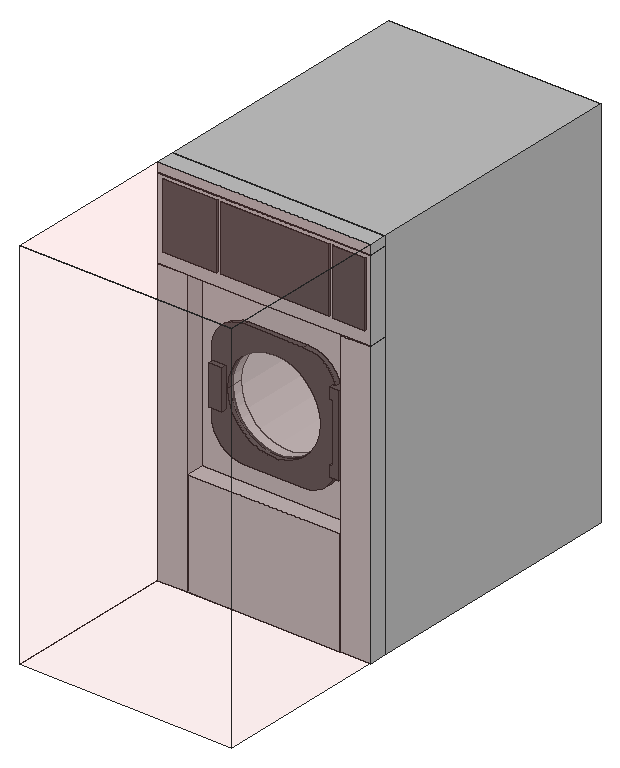
Revit family "Washer_Continental-Girbau_MG-Series", category Mechanical Equipment, Revit 2018
Family settings
  Round Connector Dimension = Use Radius
  Part Type = Normal
  OmniClass Number = 23.45.70.11.14.14
  OmniClass Title = Extractors
  Work Plane-Based = Yes
  Always vertical = No
  Cut with Voids When Loaded = No
  Shared = No
  Room Calculation Point = No
Parameters
  halfdoor = dooropeningactual / 2 + 0' 0 1/4"  # 0' - 8 3/16"
  drainrad = Drain Connection Diameter / 2  # 0' - 1 1/2"
  dooropeningactual = Door Opening + 0' 3"  # 1' - 3 7/8"
  dhwrad = Hot Water Connection Diameter / 2  # 0' - 0 3/8"
  dcwrad = Cold Water Connection Diameter / 2  # 0' - 0 3/8"
  Warranty Duration (Years) = 0
  Voltage Range = ""
  Unit Width = 2' - 5 1/2"
  Unit Weight_Live Load = 0
  Unit Weight_Dynamic Load = 0
  Unit Weight = 0
  Unit Height = 4' - 4 3/16"
  Unit Depth = 3' - 4"
  URL = "http://www.continentalgirbau.com/"
  Steam Inlet Connection Diameter = 0' - 1"
  Machine Function = "as Specified"
  Hot Water Connection Diameter = 0' - 0 3/4"
  Fuel Type = ""
  Fuel Consumption = ""
  Door Base Elevation = 1' - 7 11/16"
  Standards Conformance = "as Specified"
  Specification = "http://arcat.com/sdspecs/htm/11110con.htm"
  SpecWizard = "http://arcat.com/specwizard/11110con/index.htm?mf=&coid=44467"
  Sound Pressure = "as Specified"
  Send Message = "http://www.arcat.com/users.pl?action=UserEmail&amp;company=Continental+Girbau,+Inc.&amp;coid=44467&amp;rep=132&amp;fax=920-231-4666 &amp;mf="
  Sales Information = "http://www.continentalgirbau.com/contact.php"
  Revision = "R1_05-2014"
  Product Properties = ""
  Product Data = "http://arcat.com/arcatcos/cos44/arc44467.html"
  Model = "As Specified"
  Manufacturer Website = "http://www.continentalgirbau.com/"
  Manufacturer Phone - Toll Free = "800-256-1073"
  Manufacturer Phone = "920-231-8222"
  Manufacturer Fax = "920-231-4666"
  Manufacturer Address = "2500 State Rd. 44  Oshkosh, WI 54904"
  Manufacturer = "Continental Girbau, Inc."
  Maintenance Schedule (Months) = 0
  Keynote = "11110"
  Installation-Fabrication = ""
  Installation Phase = ""
  Green Building-LEED = "http://arcat.com/green/clients/leed_data_44467.html"
  Fixture Finish = Metal - Continental Girbau - Silver
  Expected Lifespan (Years) = 0
  Drain Connection Diameter = 0' - 3"
  Electrical_Voltage = 0 V
  Electrical_Phase = 0
  Electrical_Frequency = 0 Hz
  Electrical_Amperage = 0 A
  Drawn By = "Sumex Design, Inc. / Robert S. Weygant, CSI, CDT, SCIP"
  Door Opening Depth = 2' - 0"
  Door Opening = 1' - 0 7/8"
  Door Glazing [instance] = Glass - Continental Girbau - Glazing as Specified
  Description = "Continental Girbau Commercial Washer as Specified"
  Default Elevation = 0' - 0"
  Cylinder Volume = "as Specified"
  Cylinder Diameter = 2' - 0 13/32"
  Cylinder Depth = 1' - 9 5/8"
  Copyright = "©Arcat Inc."
  Construction Details = "http://arcat.com/details/cogirbau/cogirbau.html?coid=44467"
  Cold Water Connection Diameter = 0' - 0 3/4"
  Clearance Visible [instance] = yes
  Capacity = "as Specified"
  Assembly Code = "E1010610"
  Accent Material = Metal - Continental Girbau - Black
Reference planes (in)
  plane 1 "Center (Front/Back)": y = 0
  plane 2 "Bottom": z = 0
  plane 3 "Center (Left/Right)": x = 0
  plane 4 "Front": y = -20
  plane 5 "Back": y = 20
  plane 6 "Left": x = -14.75
  plane 7 "Right": x = 14.75
  plane 8: z = 26.125
  plane 9: x = -7.9375
  plane 10: x = 7.9375
  plane 11: z = 52.1875
  plane 12: y = -17.5
  plane 13: z = 32.5625
  plane 14: z = 19.6875
  plane 15: y = -44
  plane 16: y = -16
Forms (in)
  Extrusion 1, void
    sketch origin (0, -16, -4.80688) x (0, 0, 1) y (1, 0, 0)
      loop
        circle (30.93188, 0) r 12.20312
    from 0 to 21.625 <- "Cylinder Depth"
  Extrusion 2, solid, material "ARCAT Clearance", visible <- "Clearance Visible"
    sketch origin (-0.4375, -13.7666, 0) x (1, 0, 0) y (0, 1, 0)
      loop
        line (-14.3125, -6.2334) -> (-14.3125, -30.2334) -> (15.1875, -30.2334) -> (15.1875, -6.2334) -> (-14.3125, -6.2334)
    from 0 to 52.1875
  Extrusion 3, solid, material "Metal - Continental Girbau - Silver" <- "Fixture Finish"
    sketch origin (0, 0, 0) x (1, 0, 0) y (0, 1, 0)
      loop
        line (-14.75, 20) -> (-14.75, -17.5) -> (14.75, -17.5) -> (14.75, 20) -> (-14.75, 20)
    from 0 to 52.1875
  Extrusion 4, solid, material "Metal - Continental Girbau - Silver" <- "Fixture Finish"
    sketch origin (0, 0, 0) x (1, 0, 0) y (0, 0, 1)
      loop
        line (0, 39.5625) -> (14.75, 39.5625) -> (14.75, 50.8125) -> (-14.75, 50.8125) -> (-14.75, 39.5625) -> (0, 39.5625)
      loop
        line (14.75, 52.1875) -> (-14.75, 52.1875) -> (-14.75, 50.9375) -> (14.75, 50.9375) -> (14.75, 52.1875)
      loop
        line (-10.6875, 0) -> (-10.6875, 39.4375) -> (-14.75, 39.4375) -> (-14.75, 0) -> (-10.6875, 0)
      loop
        line (10.6875, 0) -> (14.75, 0) -> (14.75, 39.4375) -> (10.6875, 39.4375) -> (10.6875, 0)
      loop
        line (-10.5625, 14.6875) -> (-10.5625, 0) -> (10.5625, 0) -> (10.5625, 14.6875) -> (-10.5625, 14.6875)
    from 17.5 to 20
  Extrusion 5, solid, material "Metal - Continental Girbau - Black" <- "Accent Material"
    sketch origin (0, -17.5, 73.5) x (0, 0, -1) y (1, 0, 0)
      loop
        arc (51.46481, -8.75) -> (54.76006, -7.38506) -> (56.125, -4.08981) r 4.66019
        line (56.125, -4.08981) -> (56.125, 4.08981)
        arc (56.125, 4.08981) -> (54.76006, 7.38506) -> (51.46481, 8.75) r 4.66019
        line (51.46481, 8.75) -> (43.28519, 8.75)
        arc (43.28519, 8.75) -> (39.98994, 7.38506) -> (38.625, 4.08981) r 4.66019
        line (38.625, 4.08981) -> (38.625, -4.08981)
        arc (38.625, -4.08981) -> (39.98994, -7.38506) -> (43.28519, -8.75) r 4.66019
        line (43.28519, -8.75) -> (51.46481, -8.75)
      loop
        circle (47.375, 0) r 6.4375
    from 0 to 0.75
  Extrusion 6, solid, material "Glass - Continental Girbau - Glazing as Specified" <- "Door Glazing"
    sketch origin (0, -17.5, 73.5) x (0, 0, -1) y (1, 0, 0)
      loop
        circle (47.375, 0) r 6.4375
    from 0 to 0.25
  Extrusion 7, void
    sketch origin (0, 0, 0) x (1, 0, 0) y (0, 0, 1)
      loop
        circle (0, 26.125) r 6.4375
    from 0 to 44
  Extrusion 8, solid, material "Metal - Continental Girbau - Black" <- "Accent Material"
    sketch origin (0, -17.5, 73.5) x (0, 0, -1) y (1, 0, 0)
      loop
        line (43.28519, 8.74757) -> (51.46481, 8.74757) -> (51.46481, 8.24757) -> (52.96481, 8.24757) -> (52.96481, 9.49757) -> (41.78519, 9.49757) -> (41.78519, 8.24757) -> (43.28519, 8.24757) -> (43.28519, 8.74757)
      loop
        line (44.625, -8.50243) -> (50.125, -8.50243) -> (50.125, -6.75243) -> (44.625, -6.75243) -> (44.625, -8.50243)
    from 0 to 1.5
  Extrusion 9, solid, material "Metal - Continental Girbau - Black" <- "Accent Material"
    sketch origin (-11.94222, -20, 48) x (-1, 0, 0) y (0, 0, 1)
      loop
        line (-5.50472, 2.3125) -> (-5.50472, -6.6875) -> (1.99528, -6.6875) -> (1.99528, 2.3125) -> (-5.50472, 2.3125)
      loop
        line (-6.00472, 2.3125) -> (-21.00472, 2.3125) -> (-21.00472, -6.6875) -> (-6.00472, -6.6875) -> (-6.00472, 2.3125)
      loop
        line (-21.50472, 2.3125) -> (-26.00472, 2.3125) -> (-26.00472, -6.6875) -> (-21.50472, -6.6875) -> (-21.50472, 2.3125)
    from 0 to -0.125
  Extrusion 10, solid
    sketch origin (-11.94222, 20, 48) x (-1, 0, 0) y (0, 0, 1)
      loop
        circle (-18.06722, -43.0625) r 1.25
      loop
        circle (-14.51215, -3) r 0.5
      loop
        circle (-9.43141, -4) r 0.5
      loop
        circle (-24.94222, -7.3125) r 0.25
      loop
        circle (0.80778, -23.375) r 0.75
    from 0 to 0.125
Cuts and joins
  Extrusion 1, Extrusion 7 cuts Extrusion 3
Dimensions and locks (in)
  equal spacing: plane 6 "Left", plane 3 "Center (Left/Right)", plane 7 "Right"
  "Unit Width": plane 6 "Left" to plane 7 "Right"
  equal spacing: plane 5 "Back", plane 1 "Center (Front/Back)", plane 4 "Front"
  "Unit Depth": plane 5 "Back" to plane 4 "Front"
  "Unit Height": plane 11 to level
  "Door Base Elevation": plane 14 to level
  equal spacing: plane 9, plane 3 "Center (Left/Right)", plane 10
  "dooropeningactual": plane 9 to plane 10
  locked: plane 4 "Front" to plane 12 at 2.5
  "Cylinder Diameter": Extrusion 1 sketch curve to Extrusion 1 sketch curve
  locked: Extrusion 1 sketch curve to plane 3 "Center (Left/Right)" at 0
  locked: plane 8 to Extrusion 1 sketch curve at 0
  equal spacing: plane 13, plane 8, plane 14
  "Door Opening": plane 13 to plane 14
  "Door Opening Depth": plane 4 "Front" to plane 15
  locked: Extrusion 3 sketch curve to plane 4 "Front" at 2.5
  Extrusion 4 sketch curve to Extrusion 4 sketch curve to plane 13 = 0' - 0 1/8" locked, 0' - 6 7/8" locked
  locked: Extrusion 4 sketch curve to plane 13 at 6.875
  locked: Extrusion 4 sketch curve to plane 9 at 2.75
  locked: plane 10 to Extrusion 4 sketch curve at 2.75
  locked: plane 14 to Extrusion 4 sketch curve at 5
  locked: plane 12 to plane 16 at 1.5
  locked: plane 10 to Extrusion 4 sketch curve at 2.625
  locked: Extrusion 4 sketch curve to plane 9 at 2.625
  locked: Extrusion 5 sketch curve to plane 13 at 2.3125
  locked: plane 14 to Extrusion 5 sketch curve at 2.3125
  locked: Extrusion 5 sketch curve to plane 9 at 0.8125
  locked: plane 10 to Extrusion 5 sketch curve at 0.8125
  "Door Opening": Extrusion 6 sketch curve to Extrusion 6 sketch curve
  locked: plane 3 "Center (Left/Right)" to Extrusion 6 sketch curve at 0
  locked: plane 8 to Extrusion 6 sketch curve at 0
  "Door Opening": Extrusion 5 sketch curve to Extrusion 5 sketch curve
  locked: Extrusion 5 sketch curve to plane 3 "Center (Left/Right)" at 0
  locked: Extrusion 5 sketch curve to plane 8 at 0
  "Door Opening": Extrusion 7 sketch curve to Extrusion 7 sketch curve
  locked: plane 3 "Center (Left/Right)" to Extrusion 7 sketch curve at 0
  locked: plane 8 to Extrusion 7 sketch curve at 0
  plane 10 to Extrusion 8 sketch curve to Extrusion 8 sketch curve to Extrusion 8 sketch curve = 0' - 0.31007" locked, 0' - 0 1/2" locked, 0' - 0 3/4" locked
  locked: plane 10 to Extrusion 8 sketch curve at 0.31007
  plane 13 to Extrusion 8 sketch curve to Extrusion 8 sketch curve = 0' - 0.84769" locked, 0' - 1 1/2" locked
  Extrusion 8 sketch curve to Extrusion 8 sketch curve to plane 14 = 0' - 1 1/2" locked, 0' - 0.84769" locked
  Extrusion 8 sketch curve to plane 9 to Extrusion 8 sketch curve = 0' - 0.56493" locked, 0' - 1.18507" locked
  locked: plane 13 to Extrusion 8 sketch curve at 3.6875
  locked: Extrusion 8 sketch curve to plane 14 at 3.6875
  Extrusion 9 sketch curve to Extrusion 9 sketch curve to plane 6 "Left" = 0' - 7 1/2" locked, 0' - 0 13/16" locked
  plane 11 to Extrusion 9 sketch curve to Extrusion 9 sketch curve = 0' - 1 7/8" locked, 0' - 9" locked
  Extrusion 9 sketch curve to plane 3 "Center (Left/Right)" to Extrusion 9 sketch curve = 0' - 5 15/16" locked, 0' - 9 1/16" locked
  Extrusion 9 sketch curve to Extrusion 9 sketch curve to plane 7 "Right" = 0' - 4 1/2" locked, 0' - 0 11/16" locked
  Extrusion 10 sketch curve to level = 0' - 4 15/16"
  locked: plane 7 "Right" to Extrusion 10 sketch curve at 8.625
  locked: plane 11 to Extrusion 10 sketch curve at 11.5
  locked: plane 7 "Right" to Extrusion 10 sketch curve at 1.75
  locked: Extrusion 10 sketch curve to plane 3 "Center (Left/Right)" at 2.56993
  locked: plane 3 "Center (Left/Right)" to Extrusion 10 sketch curve at 2.51081
  locked: plane 11 to Extrusion 10 sketch curve at 7.1875
  locked: plane 11 to Extrusion 10 sketch curve at 8.1875
  locked: Extrusion 10 sketch curve to plane 6 "Left" at 2
  locked: Extrusion 10 sketch curve to level at 24.625
  radius of Extrusion 5 sketch curve = 0' - 4.66019"  (x4)
  aligned: plane 9 to Extrusion 2
  aligned: Extrusion 2 to plane 10
  aligned and locked: plane 4 "Front" to Extrusion 2
  aligned and locked: Extrusion 2 to plane 15
  aligned and locked: Extrusion 2 to plane 11
  aligned and locked: plane 6 "Left" to Extrusion 2
  aligned and locked: Extrusion 2 to plane 7 "Right"
  aligned and locked: Extrusion 3 sketch curve to plane 7 "Right"
  aligned and locked: plane 6 "Left" to Extrusion 3 sketch curve
  aligned and locked: Extrusion 3 sketch curve to plane 5 "Back"
  aligned and locked: Extrusion 3 to plane 11
  aligned and locked: Extrusion 4 sketch curve to plane 6 "Left"
  aligned and locked: plane 7 "Right" to Extrusion 4 sketch curve
  aligned and locked: Extrusion 4 to plane 4 "Front"
  aligned and locked: Extrusion 4 to plane 12
  aligned and locked: Extrusion 7 to plane 15
  aligned and locked: Extrusion 7 to plane 1 "Center (Front/Back)"
Automatic sketch dimensions
  plane 9 to Extrusion 2 sketch curve = 0' - 6 13/16"
  Extrusion 2 sketch curve to plane 10 = 0' - 6 13/16"
  Extrusion 2 sketch curve to plane 15 = 0' - 0"
  Extrusion 2 sketch curve to plane 4 "Front" = 0' - 0"
  Extrusion 4 sketch curve to plane 6 "Left" = 0' - 0"  (x2)
  Extrusion 4 sketch curve to level = 0' - 0"  (x3)
  Extrusion 4 sketch curve to plane 3 "Center (Left/Right)" = 0' - 0"
  Extrusion 4 sketch curve to plane 7 "Right" = 0' - 0"  (x3)
  Extrusion 4 sketch curve to plane 11 = 0' - 0"
  plane 11 to Extrusion 4 sketch curve = 0' - 1 1/4"
  Extrusion 4 sketch curve to Extrusion 4 sketch curve = 0' - 0 1/8"
  Extrusion 9 sketch curve to plane 13 = 0' - 8 3/4"
  Extrusion 9 sketch curve to Extrusion 9 sketch curve = 0' - 0"  (x2)
  plane 11 to Extrusion 9 sketch curve = 0' - 1 7/8"
  radius of Extrusion 10 sketch curve = 0' - 1 1/4"
  radius of Extrusion 10 sketch curve = 0' - 0 1/2"  (x2)
  radius of Extrusion 10 sketch curve = 0' - 0 1/4"
  radius of Extrusion 10 sketch curve = 0' - 0 3/4"
Connectors (in)
  electrical at (13, 20.125, 40.6875), driven by "Electrical_Voltage"
    settings: on Extrusion 10, index 1, voltage 0 V, apparent load 0 VA, apparent load phase1 0 VA, apparent load phase2 0 VA, apparent load phase3 0 VA, power factor 1, load classification "Other", number of poles 1, system type 31, power factor state 1, is connector primary yes, connector utility no, sub classification motor no, connector description ""
  piping at (6.125, 20.125, 4.9375), diameter 3, driven by "drainrad"
    settings: on Extrusion 10, index 2, connector inside diameter 3", connector length 0' - 0", flow factor 0, pipe flow 0 GPM, pressure drop 0.00 psi, fitting loss kfactor 0, connector angle 0.00°, fixture units 0, engagement length 0' - 0", angle of deflection 0.00°, flow configuration 0, flow direction 2, fitting loss method 0, system type 16, joint type 0, gender type 0, connector reference index -1, connector utility 0, adjustable connector no, is connector primary yes, connector description "Drain"
  piping at (2.56993, 20.125, 45), diameter 0.75, driven by "dhwrad"
    settings: on Extrusion 10, index 3, connector inside diameter 3/4", connector length 0' - 0", flow factor 0, pipe flow 0 GPM, pressure drop 0.00 psi, fitting loss kfactor 0, connector angle 0.00°, fixture units 0, engagement length 0' - 0", angle of deflection 0.00°, flow configuration 0, flow direction 1, fitting loss method 0, system type 19, joint type 0, gender type 0, connector reference index -1, connector utility 0, adjustable connector no, is connector primary no, connector description "DHW Inlet"
  piping at (-2.51081, 20.125, 44), diameter 0.75, driven by "dcwrad"
    settings: on Extrusion 10, index 4, connector inside diameter 3/4", connector length 0' - 0", flow factor 0, pipe flow 0 GPM, pressure drop 0.00 psi, fitting loss kfactor 0, connector angle 0.00°, fixture units 0, engagement length 0' - 0", angle of deflection 0.00°, flow configuration 0, flow direction 1, fitting loss method 0, system type 20, joint type 0, gender type 0, connector reference index -1, connector utility 0, adjustable connector no, is connector primary no, connector description "DCW Inlet"
  piping at (-12.75, 20.125, 24.625), diameter 1
    settings: on Extrusion 10, index 5, connector inside diameter 1", connector length 0' - 0", flow factor 0, pipe flow 0 GPM, pressure drop 0.00 psi, fitting loss kfactor 0, connector angle 0.00°, fixture units 0, engagement length 0' - 0", angle of deflection 0.00°, flow configuration 0, flow direction 1, fitting loss method 0, system type 29, joint type 0, gender type 0, connector reference index -1, connector utility 0, adjustable connector no, is connector primary no, connector description "Steam Inlet"
